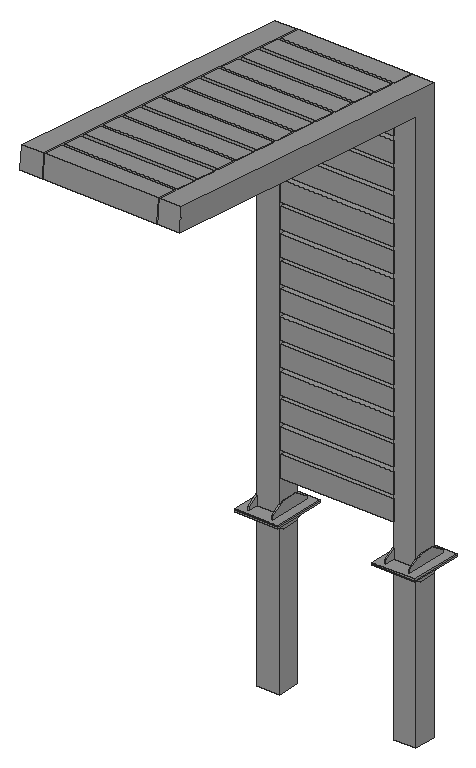
Revit family "13999 Навес «Лиана» Хоббика", category Антураж, Revit 2018
Family settings
  На основе рабочей плоскости = Нет
  Всегда вертикально = Да
  При загрузке вырезать с полостями = Нет
  Источник визуального образа = Геометрия семейства
  Общий = Нет
  Точка расчета площади = Нет
Parameters
  Ширина = 2000 mm
  Цвет отделки = Дерево
  Цвет каркаса = Сталь
  Длина = 1000 mm
  Высота = 2750 mm
Reference planes
  plane 1 "По центру (Вперед/Назад)": y = 0
  plane 2: z = 0
  plane 3 "По центру (Влево/Вправо)": x = 0
  plane 4: y = 2000
  plane 5: x = 1000
  plane 6: z = 2750
  plane 7: x = 1010
  plane 8: x = 850
  plane 9: x = 860
Forms (mm)
  Extrusion 1, solid, material "Сталь" <- "Цвет каркаса"
    sketch origin (0, 2000, 0) x (0, 1, 0) y (0, 0, 1)
      loop
        line (-1988.376, 2750.517) -> (-2000.374, 2611.032) -> (-140, 2448.482) -> (-140, -91.743) -> (0, -91.743) -> (0, 2576.783) -> (-1988.376, 2750.517)
    from 0 to 140
  Extrusion 2, solid, material "Сталь" <- "Цвет каркаса"
    sketch origin (0, 2000, 0) x (0, 1, 0) y (0, 0, 1)
      loop
        line (-1988.376, 2750.517) -> (-2000.374, 2611.032) -> (-140, 2448.482) -> (-140, -91.743) -> (0, -91.743) -> (0, 2576.783) -> (-1988.376, 2750.517)
    from 860 to 1000
  Extrusion 3, solid, material "Сталь" <- "Цвет каркаса"
    sketch origin (0, 0, 0) x (0, 1, 0) y (0, 0, 1)
      loop
        line (1799.577, -74.991) -> (1799.577, -91.743) -> (2059.986, -91.743) -> (2059.986, -75.512) -> (1979.534, -21.877) -> (1880.028, -21.877) -> (1799.577, -74.991)
    from -10 to 0
  Extrusion 4, solid, material "Сталь" <- "Цвет каркаса"
    sketch origin (0, 0, 0) x (0, 1, 0) y (0, 0, 1)
      loop
        line (1799.577, -74.991) -> (1799.577, -91.743) -> (2059.986, -91.743) -> (2059.986, -75.512) -> (1979.534, -21.877) -> (1880.028, -21.877) -> (1799.577, -74.991)
    from 1000 to 1010
  Extrusion 5, solid, material "Сталь" <- "Цвет каркаса"
    sketch origin (0, 0, 0) x (1, 0, 0) y (0, 1, 0)
      loop
        line (-65, 2094.566) -> (-65, 1764.996) -> (205, 1764.996) -> (205, 2094.566) -> (-65, 2094.566)
      loop
        line (795, 2094.566) -> (795, 1764.996) -> (1065, 1764.996) -> (1065, 2094.566) -> (795, 2094.566)
    from -99.506 to -91.743
  Extrusion 6, solid, material "Сталь" <- "Цвет каркаса"
    sketch origin (0, 0, -199.012) x (0, -1, 0) y (1, 0, 0)
      loop
        line (-2094.566, -65) -> (-1764.996, -65) -> (-1764.996, 205) -> (-2094.566, 205) -> (-2094.566, -65)
      loop
        line (-2094.566, 795) -> (-1764.996, 795) -> (-1764.996, 1065) -> (-2094.566, 1065) -> (-2094.566, 795)
    from 91.037 to 99.506
  Extrusion 7, solid, material "Сталь" <- "Цвет каркаса"
    sketch origin (0, 0, 0) x (1, 0, 0) y (0, 1, 0)
      loop
        line (1000, 2000) -> (860, 2000) -> (860, 1860) -> (1000, 1860) -> (1000, 2000)
      loop
        line (140, 2000) -> (0, 2000) -> (0, 1860) -> (140, 1860) -> (140, 2000)
    from -1107.975 to -99.506
  Extrusion 8, solid, material "Сталь" <- "Цвет каркаса"
    sketch origin (0, 0, 0) x (0, 1, 0) y (0, 0, 1)
      loop
        line (1799.577, -74.991) -> (1799.577, -91.743) -> (2059.986, -91.743) -> (2059.986, -75.512) -> (1979.534, -21.877) -> (1880.028, -21.877) -> (1799.577, -74.991)
    from 850 to 860
  Extrusion 9, solid, material "Сталь" <- "Цвет каркаса"
    sketch origin (0, 0, 0) x (0, 1, 0) y (0, 0, 1)
      loop
        line (1799.577, -74.991) -> (1799.577, -91.743) -> (2059.986, -91.743) -> (2059.986, -75.512) -> (1979.534, -21.877) -> (1880.028, -21.877) -> (1799.577, -74.991)
    from 140 to 150
  Extrusion 10, solid, material "Сталь" <- "Цвет каркаса"
    sketch origin (0, 0, -199.012) x (0, 1, 0) y (0, 0, 1)
      loop
        line (1799.577, 74.991) -> (1880.028, 21.877) -> (1979.534, 21.877) -> (2059.986, 75.512) -> (2059.986, 91.743) -> (1799.577, 91.743) -> (1799.577, 74.991)
    from -10 to 0
  Extrusion 11, solid, material "Сталь" <- "Цвет каркаса"
    sketch origin (0, 0, -199.012) x (0, 1, 0) y (0, 0, 1)
      loop
        line (1799.577, 74.991) -> (1880.028, 21.877) -> (1979.534, 21.877) -> (2059.986, 75.512) -> (2059.986, 91.743) -> (1799.577, 91.743) -> (1799.577, 74.991)
    from 1000 to 1010
  Extrusion 12, solid, material "Сталь" <- "Цвет каркаса"
    sketch origin (0, 0, -199.012) x (0, 1, 0) y (0, 0, 1)
      loop
        line (1799.577, 74.991) -> (1880.028, 21.877) -> (1979.534, 21.877) -> (2059.986, 75.512) -> (2059.986, 91.743) -> (1799.577, 91.743) -> (1799.577, 74.991)
    from 850 to 860
  Extrusion 13, solid, material "Сталь" <- "Цвет каркаса"
    sketch origin (0, 0, -199.012) x (0, 1, 0) y (0, 0, 1)
      loop
        line (1799.577, 74.991) -> (1880.028, 21.877) -> (1979.534, 21.877) -> (2059.986, 75.512) -> (2059.986, 91.743) -> (1799.577, 91.743) -> (1799.577, 74.991)
    from 140 to 150
  Extrusion 14, solid, material "Дерево" <- "Цвет отделки"
    sketch origin (0, 0, 0) x (0, 1, 0) y (0, 0, 1)
      loop
        line (2000, 114.876) -> (2000, 244.876) -> (1860, 244.876) -> (1860, 114.876) -> (2000, 114.876)
      loop
        line (2000, 270.133) -> (2000, 400.133) -> (1860, 400.133) -> (1860, 270.133) -> (2000, 270.133)
      loop
        line (2000, 425.391) -> (2000, 555.391) -> (1860, 555.391) -> (1860, 425.391) -> (2000, 425.391)
      loop
        line (2000, 580.648) -> (2000, 710.648) -> (1860, 710.648) -> (1860, 580.648) -> (2000, 580.648)
      loop
        line (2000, 735.906) -> (2000, 865.906) -> (1860, 865.906) -> (1860, 735.906) -> (2000, 735.906)
      loop
        line (2000, 891.163) -> (2000, 1021.163) -> (1860, 1021.163) -> (1860, 891.163) -> (2000, 891.163)
      loop
        line (2000, 1046.421) -> (2000, 1176.421) -> (1860, 1176.421) -> (1860, 1046.421) -> (2000, 1046.421)
      loop
        line (2000, 1201.679) -> (2000, 1331.679) -> (1860, 1331.679) -> (1860, 1201.679) -> (2000, 1201.679)
      loop
        line (2000, 1356.936) -> (2000, 1486.936) -> (1860, 1486.936) -> (1860, 1356.936) -> (2000, 1356.936)
      loop
        line (2000, 1512.194) -> (2000, 1642.194) -> (1860, 1642.194) -> (1860, 1512.194) -> (2000, 1512.194)
      loop
        line (2000, 1667.451) -> (2000, 1797.451) -> (1860, 1797.451) -> (1860, 1667.451) -> (2000, 1667.451)
      loop
        line (2000, 1822.709) -> (2000, 1952.709) -> (1860, 1952.709) -> (1860, 1822.709) -> (2000, 1822.709)
      loop
        line (2000, 1977.967) -> (2000, 2107.967) -> (1860, 2107.967) -> (1860, 1977.967) -> (2000, 1977.967)
      loop
        line (2000, 2133.224) -> (2000, 2263.224) -> (1860, 2263.224) -> (1860, 2133.224) -> (2000, 2133.224)
      loop
        line (2000, 2288.482) -> (2000, 2418.482) -> (1860, 2418.482) -> (1860, 2288.482) -> (2000, 2288.482)
      loop
        line (-0.374, 2611.032) -> (129.132, 2599.717) -> (141.131, 2739.202) -> (11.624, 2750.517) -> (-0.374, 2611.032)
      loop
        line (154.037, 2597.541) -> (283.544, 2586.225) -> (295.543, 2725.71) -> (166.036, 2737.026) -> (154.037, 2597.541)
      loop
        line (308.449, 2584.049) -> (437.956, 2572.733) -> (449.954, 2712.218) -> (320.448, 2723.534) -> (308.449, 2584.049)
      loop
        line (462.861, 2570.557) -> (592.367, 2559.241) -> (604.366, 2698.726) -> (474.859, 2710.042) -> (462.861, 2570.557)
      loop
        line (617.272, 2557.065) -> (746.779, 2545.75) -> (758.778, 2685.235) -> (629.271, 2696.55) -> (617.272, 2557.065)
      loop
        line (771.684, 2543.574) -> (901.191, 2532.258) -> (913.19, 2671.743) -> (783.683, 2683.059) -> (771.684, 2543.574)
      loop
        line (926.096, 2530.082) -> (1055.603, 2518.766) -> (1067.601, 2658.251) -> (938.095, 2669.567) -> (926.096, 2530.082)
      loop
        line (1080.507, 2516.59) -> (1210.014, 2505.274) -> (1222.013, 2644.759) -> (1092.506, 2656.075) -> (1080.507, 2516.59)
      loop
        line (1234.919, 2503.098) -> (1364.426, 2491.783) -> (1376.425, 2631.268) -> (1246.918, 2642.583) -> (1234.919, 2503.098)
      loop
        line (1389.331, 2489.607) -> (1518.838, 2478.291) -> (1530.836, 2617.776) -> (1401.33, 2629.092) -> (1389.331, 2489.607)
      loop
        line (1543.743, 2476.115) -> (1673.249, 2464.799) -> (1685.248, 2604.284) -> (1555.741, 2615.6) -> (1543.743, 2476.115)
      loop
        line (1698.154, 2462.623) -> (1827.661, 2451.307) -> (1839.66, 2590.792) -> (1710.153, 2602.108) -> (1698.154, 2462.623)
      loop
        line (1852.566, 2449.131) -> (1988.001, 2437.298) -> (2000, 2576.783) -> (1864.565, 2588.616) -> (1852.566, 2449.131)
    from 140 to 860
Dimensions and locks
  "Длина": plane 3 "По центру (Влево/Вправо)" to plane 5
  "Ширина": plane 4 to plane 1 "По центру (Вперед/Назад)"
  "Высота": plane 6 to plane 2
  plane 8 to plane 9 to plane 5 to plane 7 = 10 mm locked, 140 mm locked, 10 mm locked
  aligned and locked: level to plane 2
  aligned and locked: Extrusion 14 to Extrusion 2
  aligned and locked: Extrusion 14 to Extrusion 1
  aligned and locked: Extrusion 7 to plane 9
  aligned and locked: plane 5 to Extrusion 7
  aligned and locked: plane 7 to Extrusion 4
  aligned and locked: plane 7 to Extrusion 11
  aligned and locked: Extrusion 4 to plane 5
  aligned and locked: Extrusion 11 to plane 5
  aligned and locked: plane 5 to Extrusion 2
  aligned and locked: Extrusion 14 to plane 9
  aligned and locked: plane 9 to Extrusion 8
  aligned and locked: plane 9 to Extrusion 12
  aligned and locked: Extrusion 8 to plane 8
  aligned and locked: Extrusion 12 to plane 8
Automatic sketch dimensions
  Extrusion 1 sketch curve to plane 4 = 0 mm
  Extrusion 1 sketch curve to plane 4 = 140 mm
  plane 6 to Extrusion 1 sketch curve = 0.517 mm
  Extrusion 1 sketch curve to plane 1 "По центру (Вперед/Назад)" = 11.624 mm
  plane 1 "По центру (Вперед/Назад)" to Extrusion 1 sketch curve = 0.374 mm
  Extrusion 1 sketch curve to plane 6 = 138.968 mm
  Extrusion 1 sketch curve to plane 6 = 173.217 mm
  Extrusion 1 sketch curve to Extrusion 1 sketch curve = 128.301 mm
  Extrusion 1 sketch curve to level = 91.743 mm
  Extrusion 2 sketch curve to plane 4 = 0 mm
  Extrusion 2 sketch curve to plane 4 = 140 mm
  plane 6 to Extrusion 2 sketch curve = 0.517 mm
  Extrusion 2 sketch curve to plane 1 "По центру (Вперед/Назад)" = 11.624 mm
  plane 1 "По центру (Вперед/Назад)" to Extrusion 2 sketch curve = 0.374 mm
  Extrusion 2 sketch curve to plane 6 = 138.968 mm
  Extrusion 2 sketch curve to plane 6 = 173.217 mm
  Extrusion 2 sketch curve to Extrusion 2 sketch curve = 128.301 mm
  Extrusion 2 sketch curve to level = 91.743 mm
  Extrusion 3 sketch curve to level = 74.991 mm
  Extrusion 3 sketch curve to plane 4 = 200.423 mm
  Extrusion 3 sketch curve to level = 21.877 mm
  Extrusion 3 sketch curve to Extrusion 3 sketch curve = 80.452 mm
  Extrusion 3 sketch curve to plane 4 = 20.466 mm
  plane 4 to Extrusion 3 sketch curve = 59.986 mm
  Extrusion 3 sketch curve to level = 75.512 mm
  Extrusion 3 sketch curve to Extrusion 3 sketch curve = 16.752 mm
  Extrusion 4 sketch curve to level = 74.991 mm
  Extrusion 4 sketch curve to plane 4 = 200.423 mm
  Extrusion 4 sketch curve to level = 21.877 mm
  Extrusion 4 sketch curve to Extrusion 4 sketch curve = 80.452 mm
  Extrusion 4 sketch curve to plane 4 = 20.466 mm
  plane 4 to Extrusion 4 sketch curve = 59.986 mm
  Extrusion 4 sketch curve to level = 75.512 mm
  Extrusion 4 sketch curve to Extrusion 4 sketch curve = 16.752 mm
  Extrusion 5 sketch curve to plane 3 "По центру (Влево/Вправо)" = 65 mm
  plane 3 "По центру (Влево/Вправо)" to Extrusion 5 sketch curve = 205 mm
  plane 4 to Extrusion 5 sketch curve = 94.566 mm  (x2)
  Extrusion 5 sketch curve to plane 5 = 205 mm
  plane 5 to Extrusion 5 sketch curve = 65 mm
  Extrusion 5 sketch curve to plane 4 = 235.004 mm  (x2)
  plane 4 to Extrusion 6 sketch curve = 94.566 mm  (x2)
  Extrusion 6 sketch curve to plane 3 "По центру (Влево/Вправо)" = 65 mm
  Extrusion 6 sketch curve to plane 4 = 235.004 mm  (x2)
  plane 3 "По центру (Влево/Вправо)" to Extrusion 6 sketch curve = 205 mm
  Extrusion 6 sketch curve to plane 5 = 205 mm
  plane 5 to Extrusion 6 sketch curve = 65 mm
  Extrusion 7 sketch curve to plane 3 "По центру (Влево/Вправо)" = 0 mm
  Extrusion 7 sketch curve to plane 4 = 0 mm  (x2)
  Extrusion 7 sketch curve to plane 5 = 0 mm
  plane 3 "По центру (Влево/Вправо)" to Extrusion 7 sketch curve = 140 mm
  Extrusion 7 sketch curve to Extrusion 7 sketch curve = 140 mm
  Extrusion 7 sketch curve to plane 4 = 140 mm  (x2)
  Extrusion 8 sketch curve to level = 74.991 mm
  Extrusion 8 sketch curve to plane 4 = 200.423 mm
  Extrusion 8 sketch curve to level = 21.877 mm
  Extrusion 8 sketch curve to Extrusion 8 sketch curve = 80.452 mm
  Extrusion 8 sketch curve to plane 4 = 20.466 mm
  plane 4 to Extrusion 8 sketch curve = 59.986 mm
  Extrusion 8 sketch curve to level = 75.512 mm
  Extrusion 8 sketch curve to Extrusion 8 sketch curve = 16.752 mm
  Extrusion 9 sketch curve to level = 74.991 mm
  Extrusion 9 sketch curve to plane 4 = 200.423 mm
  Extrusion 9 sketch curve to level = 21.877 mm
  Extrusion 9 sketch curve to Extrusion 9 sketch curve = 80.452 mm
  Extrusion 9 sketch curve to plane 4 = 20.466 mm
  plane 4 to Extrusion 9 sketch curve = 59.986 mm
  Extrusion 9 sketch curve to level = 75.512 mm
  Extrusion 9 sketch curve to Extrusion 9 sketch curve = 16.752 mm
  plane 4 to Extrusion 10 sketch curve = 200.423 mm
  Extrusion 10 sketch curve to Extrusion 10 sketch curve = 80.452 mm
  plane 4 to Extrusion 10 sketch curve = 20.466 mm
  Extrusion 10 sketch curve to plane 4 = 59.986 mm
  level to Extrusion 10 sketch curve = 107.269 mm
  Extrusion 10 sketch curve to Extrusion 10 sketch curve = 16.231 mm
  Extrusion 10 sketch curve to Extrusion 10 sketch curve = 16.752 mm
  Extrusion 10 sketch curve to Extrusion 10 sketch curve = 53.114 mm
  plane 4 to Extrusion 11 sketch curve = 200.423 mm
  Extrusion 11 sketch curve to Extrusion 11 sketch curve = 80.452 mm
  plane 4 to Extrusion 11 sketch curve = 20.466 mm
  Extrusion 11 sketch curve to plane 4 = 59.986 mm
  level to Extrusion 11 sketch curve = 107.269 mm
  Extrusion 11 sketch curve to Extrusion 11 sketch curve = 16.231 mm
  Extrusion 11 sketch curve to Extrusion 11 sketch curve = 16.752 mm
  Extrusion 11 sketch curve to Extrusion 11 sketch curve = 53.114 mm
  plane 4 to Extrusion 12 sketch curve = 200.423 mm
  Extrusion 12 sketch curve to Extrusion 12 sketch curve = 80.452 mm
  plane 4 to Extrusion 12 sketch curve = 20.466 mm
  Extrusion 12 sketch curve to plane 4 = 59.986 mm
  level to Extrusion 12 sketch curve = 107.269 mm
  Extrusion 12 sketch curve to Extrusion 12 sketch curve = 16.231 mm
  Extrusion 12 sketch curve to Extrusion 12 sketch curve = 16.752 mm
  Extrusion 12 sketch curve to Extrusion 12 sketch curve = 53.114 mm
  plane 4 to Extrusion 13 sketch curve = 200.423 mm
  Extrusion 13 sketch curve to Extrusion 13 sketch curve = 80.452 mm
  plane 4 to Extrusion 13 sketch curve = 20.466 mm
  Extrusion 13 sketch curve to plane 4 = 59.986 mm
  level to Extrusion 13 sketch curve = 107.269 mm
  Extrusion 13 sketch curve to Extrusion 13 sketch curve = 16.231 mm
  Extrusion 13 sketch curve to Extrusion 13 sketch curve = 16.752 mm
  Extrusion 13 sketch curve to Extrusion 13 sketch curve = 53.114 mm
  Extrusion 14 sketch curve to plane 4 = 0 mm  (x16)
  Extrusion 14 sketch curve to plane 4 = 11.999 mm
  Extrusion 14 sketch curve to Extrusion 14 sketch curve = 135.435 mm
  Extrusion 14 sketch curve to plane 4 = 140 mm  (x5)
  Extrusion 14 sketch curve to Extrusion 14 sketch curve = 0 mm  (x10)
  Extrusion 14 sketch curve to Extrusion 14 sketch curve = 7.434 mm
  Extrusion 14 sketch curve to Extrusion 14 sketch curve = 24.905 mm  (x24)
  Extrusion 14 sketch curve to Extrusion 14 sketch curve = 129.507 mm  (x22)
  Extrusion 14 sketch curve to plane 6 = 145.716 mm
  Extrusion 14 sketch curve to plane 6 = 134.4 mm
  Extrusion 14 sketch curve to plane 6 = 132.224 mm
  Extrusion 14 sketch curve to plane 6 = 120.908 mm
  Extrusion 14 sketch curve to plane 6 = 260.393 mm
  Extrusion 14 sketch curve to plane 6 = 118.732 mm
  Extrusion 14 sketch curve to plane 6 = 258.217 mm
  Extrusion 14 sketch curve to plane 6 = 107.417 mm
  Extrusion 14 sketch curve to plane 6 = 246.902 mm
  Extrusion 14 sketch curve to plane 6 = 105.241 mm
  Extrusion 14 sketch curve to plane 6 = 244.726 mm
  Extrusion 14 sketch curve to plane 6 = 93.925 mm
  Extrusion 14 sketch curve to plane 6 = 233.41 mm
  Extrusion 14 sketch curve to plane 6 = 91.749 mm
  Extrusion 14 sketch curve to plane 6 = 231.234 mm
  Extrusion 14 sketch curve to plane 6 = 80.433 mm
  Extrusion 14 sketch curve to plane 6 = 219.918 mm
  Extrusion 14 sketch curve to plane 6 = 78.257 mm
  Extrusion 14 sketch curve to plane 6 = 217.742 mm
  Extrusion 14 sketch curve to plane 6 = 66.941 mm
  Extrusion 14 sketch curve to plane 6 = 206.426 mm
  Extrusion 14 sketch curve to plane 6 = 64.765 mm
  Extrusion 14 sketch curve to plane 6 = 204.25 mm
  Extrusion 14 sketch curve to plane 6 = 53.45 mm
  Extrusion 14 sketch curve to plane 6 = 192.935 mm
  Extrusion 14 sketch curve to plane 6 = 51.274 mm
  Extrusion 14 sketch curve to plane 6 = 190.759 mm
  Extrusion 14 sketch curve to plane 6 = 39.958 mm
  Extrusion 14 sketch curve to plane 6 = 179.443 mm
  Extrusion 14 sketch curve to plane 6 = 37.782 mm
  Extrusion 14 sketch curve to plane 6 = 177.267 mm
  Extrusion 14 sketch curve to plane 6 = 26.466 mm
  Extrusion 14 sketch curve to plane 6 = 24.29 mm
  Extrusion 14 sketch curve to plane 6 = 12.974 mm
  Extrusion 14 sketch curve to plane 6 = 10.798 mm
  plane 6 to Extrusion 14 sketch curve = 0.517 mm
  Extrusion 14 sketch curve to plane 1 "По центру (Вперед/Назад)" = 11.624 mm
  plane 1 "По центру (Вперед/Назад)" to Extrusion 14 sketch curve = 0.374 mm
  Extrusion 14 sketch curve to Extrusion 14 sketch curve = 11.316 mm  (x6)
  Extrusion 14 sketch curve to Extrusion 14 sketch curve = 2.176 mm  (x7)
  Extrusion 14 sketch curve to Extrusion 14 sketch curve = 11.834 mm  (x2)
  Extrusion 14 sketch curve to Extrusion 14 sketch curve = 30.65 mm
  Extrusion 14 sketch curve to Extrusion 14 sketch curve = 130 mm  (x14)
  Extrusion 14 sketch curve to Extrusion 14 sketch curve = 25.258 mm  (x14)
  level to Extrusion 14 sketch curve = 114.876 mm
  Extrusion 14 sketch curve to Extrusion 14 sketch curve = 139.485 mm
